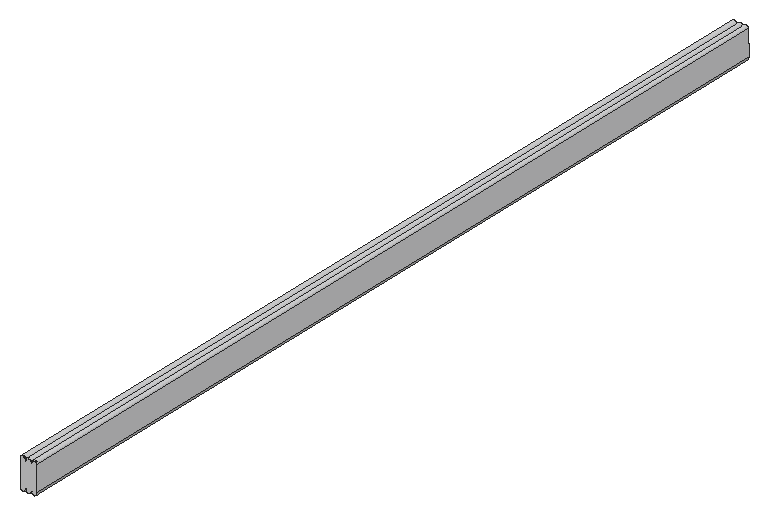
Revit family "COS-DS", category Specialty Equipment, host Face, Revit 2020
Family settings
  Host = Face
  Round Connector Dimension = Use Diameter
  Part Type = Normal
  Cut with Voids When Loaded = No
  Shared = No
  Room Calculation Point = No
Parameters (values of type "SEE TYPE CATEGORY")
  Width = 0' - 0 1/2"
  URL = "http://www.emseal.com/"
  Type Image = COS-DS.PNG
  Pick Resistance = no
  Hex Bellow = no
  Calc Width Hex [instance] = if(or(Width > 1' 0 3/256", Width < 0' 8 71/256"), 0' 8 71/256", Width)  # 0' - 8 71/256"
  Bellow Radius - Hex [instance] = Calc Width Hex / 12  # 0' - 0.68978"
  Bellow Depth - Quint [instance] = Depth - ([Bellow Radius - Quint] * 2)  # 0' - 1 229/256"
  Bellow Radius - Quint [instance] = Calc Width Quint / 10  # 0' - 0.42773"
  Product Data URL = "https://bit.ly/3gKOnfw"
  European Technical Assessment = "ETA-19/0222"
  Calc Width Quint [instance] = if(or(Width > 0' 8 3/256", Width < 0' 4 71/256"), 0' 4 71/256", Width)  # 0' - 4 71/256"
  CE Certification = "0679-CPR-1251"
  Bellow Radius - Triple [instance] = Calc Width Triple / 6  # 0' - 0 1/4"
  Triple Bellow = yes
  Tensile Strength (ASTM D3574) = "18 psi min; 145 kPa"
  Temperature Range (ASTM C711) = "185°F (85°C) to -40°F (-40°C)"
  Staining (ASTM C510) = "None"
  Single Bellow = no
  Seal Material Note = "Seismic Colorseal is coated on the both faces with standard Sikasil WS-295 water-resistant silicone"
  Seal Material [instance] = Silicone - Sikasil WS-295 Light Gray
  Rate of Air Leakage (ASTM E283) = "Passed"
  R Value Range (ASTM C518) = "2.1 per 1-inch (25mm) depth"
  Quint Bellow = no
  Quad Bellow = no
  Product Page URL = "https://bit.ly/3aKkxUu"
  Product Documentation URL = "https://bit.ly/3gKOnfw"
  Movement (of Nominal Material Size) = "+50% / -50%"
  Model = "Seismic Colorseal-DS"
  Manufacturer = "EMSEAL Joint Systems Ltd"
  Length [instance] = 6' - 6 23/32"
  Durometer Hardness of Silicone Coating (ASTM D2240) = "Shore A: 25"
  Description = "Multi-faced, silicone-coated, precompressed, primary seal seals both sides of substrate"
  Depth = 0' - 2 3/4"
  Default Elevation = 0' - 0"
  Calc Width Triple [instance] = if(or(Width > 0' 3 131/256", Width < 0' 1 125/256"), 0' 1 1/2", Width)  # 0' - 1 1/2"
  Calc Width Single [instance] = if(Width > 0' 1 67/256", 0' 1 67/256", Width)  # 0' - 0 1/2"
  Calc Width Quad [instance] = if(or(Width > 0' 4 3/256", Width < 0' 3 131/256"), 0' 3 131/256", Width)  # 0' - 3 131/256"
  Bellow Radius - Quad [instance] = Calc Width Quad / 8  # 0' - 0.43896"
  Bellow Radius [instance] = Calc Width Single / 2  # 0' - 0 1/4"
  Bellow Depth - Triple [instance] = Depth - ([Bellow Radius - Triple] * 2)  # 0' - 2 1/4"
  Bellow Depth - Quad [instance] = Depth - ([Bellow Radius - Quad] * 2)  # 0' - 1.87207"
  Bellow Depth - Hex [instance] = Depth - ([Bellow Radius - Hex] * 2)  # 0' - 1.37044"
  Bellow Depth [instance] = Depth - (Bellow Radius * 2)  # 0' - 2 1/4"
  Assembly Code = "C3020200"
  ABAA Compliance = yes
Types (3): name | Type Image | Pick Resistance | Hex Bellow | Bellow Depth - Quint | Product Data URL | Triple Bellow | Tensile Strength (ASTM D3574) | Single Bellow | Seal Material Note | Seal Material | R Value Range (ASTM C518) | Product Page URL | Product Documentation URL | Model | Description | Depth | Bellow Depth - Triple | Bellow Depth - Quad | Bellow Depth - Hex | Bellow Depth
  (no name) | COS-DS.PNG | no | no | 0' - 1 229/256" | "https://bit.ly/3gKOnfw" | yes | "18 psi min; 145 kPa" | no | "Seismic Colorseal is coated on the both faces with standard Sikasil WS-295 water-resistant silicone" | Silicone - Sikasil WS-295 Light Gray | "2.1 per 1-inch (25mm) depth" | "https://bit.ly/3aKkxUu" | "https://bit.ly/3gKOnfw" | "Seismic Colorseal-DS" | "Multi-faced, silicone-coated, precompressed, primary seal seals both sides of substrate" | 0' - 2 3/4" | 0' - 2 1/4" | 0' - 1.87207" | 0' - 1.37044" | 0' - 2 1/4"
  DFR - .5 inches | (empty or 0) | yes | yes | 0' - 3 37/256" | "https://bit.ly/34iawcN" | no | "21 psi min; 145 kPa" | yes | "Emshield DFR-CE is coated on the top and bottom with water-resistant silicone." | none | "1.03 per 1-inch (25mm) depth" | "https://cdn.emseal.com/wp-content/uploads/2020/01/Emshield-DFR-WFR-CE-Product-Data-Sheet-CE-marked-EN1366-4-movment-joint-Emseal.pdf" | "https://bit.ly/2yzQuP1" | "Emshield DFR-CE" | "CE Marked, EN 1366-4 Tested Watertight Fire-resistant movement joint" | 0' - 4" | 0' - 3 1/2" | 0' - 3.12207" | 0' - 2.62044" | 0' - 3 1/2"
  SEE TYPE CATEGORY | COS-DS.PNG | no | no | 0' - 1 229/256" | "https://bit.ly/3gKOnfw" | yes | "18 psi min; 145 kPa" | no | "Seismic Colorseal is coated on the both faces with standard Sikasil WS-295 water-resistant silicone" | Silicone - Sikasil WS-295 Light Gray | "2.1 per 1-inch (25mm) depth" | "https://bit.ly/3aKkxUu" | "https://bit.ly/3gKOnfw" | "Seismic Colorseal-DS" | "Multi-faced, silicone-coated, precompressed, primary seal seals both sides of substrate" | 0' - 2 3/4" | 0' - 2 1/4" | 0' - 1.87207" | 0' - 1.37044" | 0' - 2 1/4"
Reference planes (in)
  plane 1 "Center (Front/Back)": y = 0
  plane 2: z = 0
  plane 3 "Center (Left/Right)": x = 0
  plane 4 "Width 1": x = -0.25
  plane 5 "Width 2": x = 0.25
  plane 6: y = 39.35937
  plane 7: y = -39.35938
  plane 8: z = -2.75
  plane 9 "Quad Width 1": x = -1.75586
  plane 10: x = -0.87793
  plane 11: x = 0.87793
  plane 12 "Quad Width 2": x = 1.75586
  plane 13 "Triple Width 1": x = -0.75
  plane 14 "Triple Width 2": x = 0.75
  plane 15: x = 0.25
  plane 16: x = -0.25
  plane 17 "Single Width 1": x = -0.25
  plane 18 "Single Width 2": x = 0.25
  plane 19 "Expansion Line": z = 0.03125
  plane 20 "Triple Radius": z = -0.25
  plane 21: z = 0
  plane 22 "Triple Depth": z = -2.5
  plane 23 "Single Radius": z = -0.25
  plane 24 "Single Depth": z = -2.5
  plane 25 "Quad Radius": z = -0.43896
  plane 26 "Quad Depth": z = -2.31104
  plane 27 "Quint Width 1": x = -2.13867
  plane 28 "Quint Width 2": x = 2.13867
  plane 29: x = 2.25
  plane 30: x = -1.2832
  plane 31: x = -0.42773
  plane 32: x = 0.42773
  plane 33: x = 1.2832
  plane 34 "Quint Radius": z = -0.42773
  plane 35 "Quint Depth": z = -2.32227
  plane 36 "Hex Width 1": x = -4.13867
  plane 37 "Hex Width 2": x = 4.13867
  plane 38 "Hex Radius": z = -0.68978
  plane 39 "Hex Depth": z = -2.06022
  plane 40: x = -2.75911
  plane 41: x = -1.37956
  plane 42: x = 1.37956
  plane 43: x = 2.75911
Forms (in)
  Extrusion 1, void
    sketch origin (0, 0, 0) x (1, 0, 0) y (0, 1, 0)
      loop
        line (-0.25, -39.35938) -> (0.25, -39.35938) -> (0.25, 39.35937) -> (-0.25, 39.35937) -> (-0.25, -39.35938)
    from 0 to -30
  Extrusion 2, solid, detail levels coarse
    sketch origin (0, 0, 0) x (1, 0, 0) y (0, 1, 0)
      loop
        line (-0.25, 39.35937) -> (-0.25, -39.35938) -> (0.25, -39.35938) -> (0.25, 39.35937) -> (-0.25, 39.35937)
    from 0 to -2.75
  Extrusion 3, solid, material "Silicone - Sikasil WS-295 Light Gray" <- "Seal Material", visible <- "Quad Bellow"
    sketch origin (0, 0, 0) x (1, 0, 0) y (0, 0, 1)
      loop
        line (-1.75586, -0.43896) -> (-1.75586, -2.31104)
        arc (-1.75586, -2.31104) -> (-1.31689, -2.75) -> (-0.87793, -2.31104) r 0.43896
        arc (-0.87793, -2.31104) -> (-0.43896, -2.75) -> (0, -2.31104) r 0.43896
        arc (0, -2.31104) -> (0.43896, -2.75) -> (0.87793, -2.31104) r 0.43896
        arc (0.87793, -2.31104) -> (1.31689, -2.75) -> (1.75586, -2.31104) r 0.43896
        line (1.75586, -2.31104) -> (1.75586, -0.43896)
        arc (1.75586, -0.43896) -> (1.31689, 0) -> (0.87793, -0.43896) r 0.43896
        arc (0.87793, -0.43896) -> (0.43896, 0) -> (0, -0.43896) r 0.43896
        arc (0, -0.43896) -> (-0.43896, 0) -> (-0.87793, -0.43896) r 0.43896
        arc (-0.87793, -0.43896) -> (-1.31689, 0) -> (-1.75586, -0.43896) r 0.43896
    from 39.35938 to -39.35937
  Extrusion 4, solid, material "Silicone - Sikasil WS-295 Light Gray" <- "Seal Material", visible <- "Single Bellow"
    sketch origin (0, 0, 0) x (1, 0, 0) y (0, 0, 1)
      loop
        line (-0.25, -0.25) -> (-0.25, -2.5)
        arc (-0.25, -2.5) -> (0, -2.75) -> (0.25, -2.5) r 0.25
        line (0.25, -2.5) -> (0.25, -0.25)
        arc (0.25, -0.25) -> (0, 0) -> (-0.25, -0.25) r 0.25
    from 39.35938 to -39.35937
  Extrusion 5, solid, material "Silicone - Sikasil WS-295 Light Gray" <- "Seal Material", visible <- "Triple Bellow"
    sketch origin (0, 0, 0) x (1, 0, 0) y (0, 0, 1)
      loop
        line (-0.75, -0.25) -> (-0.75, -2.5)
        arc (-0.75, -2.5) -> (-0.5, -2.75) -> (-0.25, -2.5) r 0.25
        arc (-0.25, -2.5) -> (0, -2.75) -> (0.25, -2.5) r 0.25
        arc (0.25, -2.5) -> (0.5, -2.75) -> (0.75, -2.5) r 0.25
        line (0.75, -2.5) -> (0.75, -0.25)
        arc (0.75, -0.25) -> (0.5, 0) -> (0.25, -0.25) r 0.25
        arc (0.25, -0.25) -> (0, 0) -> (-0.25, -0.25) r 0.25
        arc (-0.25, -0.25) -> (-0.5, 0) -> (-0.75, -0.25) r 0.25
    from 39.35938 to -39.35937
  Extrusion 6, solid, material "Silicone - Sikasil WS-295 Light Gray" <- "Seal Material", visible <- "Quint Bellow"
    sketch origin (0, 0, 0) x (1, 0, 0) y (0, 0, 1)
      loop
        line (-2.13867, -0.42773) -> (-2.13867, -2.32227)
        arc (-2.13867, -2.32227) -> (-1.71094, -2.75) -> (-1.2832, -2.32227) r 0.42773
        arc (-1.2832, -2.32227) -> (-0.85547, -2.75) -> (-0.42773, -2.32227) r 0.42773
        arc (-0.42773, -2.32227) -> (0, -2.75) -> (0.42773, -2.32227) r 0.42773
        arc (0.42773, -2.32227) -> (0.85547, -2.75) -> (1.2832, -2.32227) r 0.42773
        arc (1.2832, -2.32227) -> (1.71094, -2.75) -> (2.13867, -2.32227) r 0.42773
        line (2.13867, -2.32227) -> (2.13867, -0.42773)
        arc (2.13867, -0.42773) -> (1.71094, 0) -> (1.2832, -0.42773) r 0.42773
        arc (1.2832, -0.42773) -> (0.85547, 0) -> (0.42773, -0.42773) r 0.42773
        arc (0.42773, -0.42773) -> (0, 0) -> (-0.42773, -0.42773) r 0.42773
        arc (-0.42773, -0.42773) -> (-0.85547, 0) -> (-1.2832, -0.42773) r 0.42773
        arc (-1.2832, -0.42773) -> (-1.71094, 0) -> (-2.13867, -0.42773) r 0.42773
    from 39.35938 to -39.35937
  Extrusion 7, solid, material "Silicone - Sikasil WS-295 Light Gray" <- "Seal Material", visible <- "Hex Bellow"
    sketch origin (0, 0, 0) x (1, 0, 0) y (0, 0, 1)
      loop
        line (-4.13867, -0.68978) -> (-4.13867, -2.06022)
        arc (-4.13867, -2.06022) -> (-3.44889, -2.75) -> (-2.75911, -2.06022) r 0.68978
        arc (-2.75911, -2.06022) -> (-2.06934, -2.75) -> (-1.37956, -2.06022) r 0.68978
        arc (-1.37956, -2.06022) -> (-0.68978, -2.75) -> (0, -2.06022) r 0.68978
        arc (0, -2.06022) -> (0.68978, -2.75) -> (1.37956, -2.06022) r 0.68978
        arc (1.37956, -2.06022) -> (2.06934, -2.75) -> (2.75911, -2.06022) r 0.68978
        arc (2.75911, -2.06022) -> (3.44889, -2.75) -> (4.13867, -2.06022) r 0.68978
        line (4.13867, -2.06022) -> (4.13867, -0.68978)
        arc (4.13867, -0.68978) -> (3.44889, 0) -> (2.75911, -0.68978) r 0.68978
        arc (2.75911, -0.68978) -> (2.06934, 0) -> (1.37956, -0.68978) r 0.68978
        arc (1.37956, -0.68978) -> (0.68978, 0) -> (0, -0.68978) r 0.68978
        arc (0, -0.68978) -> (-0.68978, 0) -> (-1.37956, -0.68978) r 0.68978
        arc (-1.37956, -0.68978) -> (-2.06934, 0) -> (-2.75911, -0.68978) r 0.68978
        arc (-2.75911, -0.68978) -> (-3.44889, 0) -> (-4.13867, -0.68978) r 0.68978
    from 39.35938 to -39.35937
Lines and regions (in)
  model lines, style "Expansion Graphic"
    curve 1: line (0, 39.35937, 0.03125) -> (0, -39.35938, 0.03125)
Dimensions and locks (in)
  "Width": plane 4 "Width 1" to plane 5 "Width 2"
  equal spacing: plane 4 "Width 1", plane 3 "Center (Left/Right)", plane 5 "Width 2"
  equal spacing: plane 6, plane 1 "Center (Front/Back)", plane 7
  "Length": plane 6 to plane 7
  "Depth": plane 2 to plane 8
  equal spacing: plane 12 "Quad Width 2", plane 11, plane 3 "Center (Left/Right)", plane 10, plane 9 "Quad Width 1"
  "Calc Width Quad": plane 12 "Quad Width 2" to plane 9 "Quad Width 1"
  locked: plane 2 to Extrusion 3 sketch curve
  equal spacing: plane 13 "Triple Width 1", plane 16, plane 15, plane 14 "Triple Width 2"
  "Calc Width Triple": plane 13 "Triple Width 1" to plane 14 "Triple Width 2"
  equal spacing: plane 13 "Triple Width 1", plane 3 "Center (Left/Right)", plane 14 "Triple Width 2"
  equal spacing: plane 17 "Single Width 1", plane 3 "Center (Left/Right)", plane 18 "Single Width 2"
  "Calc Width Single": plane 17 "Single Width 1" to plane 18 "Single Width 2"
  locked: plane 2 to Extrusion 4 sketch curve
  locked: plane 19 "Expansion Line" to level at 0.03125
  "Bellow Radius - Triple": plane 2 to plane 20 "Triple Radius"
  "Bellow Depth - Triple": plane 20 "Triple Radius" to plane 22 "Triple Depth"
  "Bellow Radius": plane 21 to plane 23 "Single Radius"
  "Bellow Depth": plane 23 "Single Radius" to plane 24 "Single Depth"
  "Bellow Radius - Quad": plane 2 to plane 25 "Quad Radius"
  "Bellow Depth - Quad": plane 25 "Quad Radius" to plane 26 "Quad Depth"
  "Bellow Radius - Quint": plane 21 to plane 34 "Quint Radius"
  "Bellow Depth - Quint": plane 34 "Quint Radius" to plane 35 "Quint Depth"
  "Calc Width Quint": plane 28 "Quint Width 2" to plane 27 "Quint Width 1"
  equal spacing: plane 28 "Quint Width 2", plane 3 "Center (Left/Right)", plane 27 "Quint Width 1"
  equal spacing: plane 28 "Quint Width 2", plane 33, plane 32, plane 31, plane 30, plane 27 "Quint Width 1"
  "Bellow Radius - Hex": plane 21 to plane 38 "Hex Radius"
  "Bellow Depth - Hex": plane 38 "Hex Radius" to plane 39 "Hex Depth"
  equal spacing: plane 37 "Hex Width 2", plane 43, plane 42, plane 3 "Center (Left/Right)", plane 41, plane 40, plane 36 "Hex Width 1"
  equal spacing: plane 37 "Hex Width 2", plane 3 "Center (Left/Right)", plane 36 "Hex Width 1"
  "Calc Width Hex": plane 37 "Hex Width 2" to plane 36 "Hex Width 1"
  aligned and locked: plane 2 to host face
  aligned and locked: level to host face
  aligned and locked: Extrusion 1 sketch curve to plane 7
  aligned and locked: Extrusion 1 sketch curve to plane 4 "Width 1"
  aligned and locked: plane 6 to Extrusion 1 sketch curve
  aligned and locked: plane 5 "Width 2" to Extrusion 1 sketch curve
  aligned and locked: Extrusion 2 sketch curve to plane 6
  aligned and locked: plane 4 "Width 1" to Extrusion 2 sketch curve
  aligned and locked: plane 7 to Extrusion 2 sketch curve
  aligned and locked: Extrusion 2 sketch curve to plane 5 "Width 2"
  aligned and locked: Extrusion 2 to plane 8
  aligned and locked: level to Extrusion 2
  aligned and locked: Extrusion 3 sketch curve to plane 9 "Quad Width 1"
  aligned and locked: plane 12 "Quad Width 2" to Extrusion 3 sketch curve
  aligned and locked: plane 6 to Extrusion 3
  aligned and locked: Extrusion 3 to plane 7
  aligned and locked: plane 17 "Single Width 1" to Extrusion 4 sketch curve
  aligned and locked: Extrusion 4 sketch curve to plane 18 "Single Width 2"
  aligned and locked: Extrusion 4 to plane 7
  aligned and locked: plane 6 to Extrusion 4
  aligned and locked: curve 1 to plane 3 "Center (Left/Right)"
  aligned and locked: plane 6 to curve 1
  aligned and locked: plane 7 to curve 1
  aligned and locked: plane 13 "Triple Width 1" to Extrusion 5 sketch curve
  aligned and locked: Extrusion 5 sketch curve to plane 14 "Triple Width 2"
  aligned and locked: plane 6 to Extrusion 5
  aligned and locked: Extrusion 5 to plane 7
  aligned and locked: plane 23 "Single Radius" to Extrusion 4 sketch curve  (x2)
  aligned and locked: plane 24 "Single Depth" to Extrusion 4 sketch curve  (x2)
  aligned and locked: plane 25 "Quad Radius" to Extrusion 3 sketch curve  (x5)
  aligned and locked: plane 26 "Quad Depth" to Extrusion 3 sketch curve  (x5)
  aligned and locked: Extrusion 6 sketch curve to plane 27 "Quint Width 1"
  aligned and locked: plane 28 "Quint Width 2" to Extrusion 6 sketch curve
  aligned and locked: plane 34 "Quint Radius" to Extrusion 6 sketch curve  (x3)
  aligned and locked: plane 35 "Quint Depth" to Extrusion 6 sketch curve  (x2)
  aligned and locked: Extrusion 7 sketch curve to plane 36 "Hex Width 1"
  aligned and locked: plane 37 "Hex Width 2" to Extrusion 7 sketch curve
  aligned and locked: plane 38 "Hex Radius" to Extrusion 7 sketch curve
  aligned and locked: Extrusion 7 sketch curve to plane 38 "Hex Radius"
  aligned and locked: plane 39 "Hex Depth" to Extrusion 7 sketch curve
  aligned and locked: Extrusion 7 sketch curve to plane 39 "Hex Depth"
  aligned and locked: plane 20 "Triple Radius" to Extrusion 5 sketch curve
  aligned and locked: plane 22 "Triple Depth" to Extrusion 5 sketch curve  (x2)
Automatic sketch dimensions
  host sketch curve to host sketch curve = 8' - 0"  (x2)
  Extrusion 3 sketch curve to plane 10 = 0' - 0"  (x3)
  Extrusion 3 sketch curve to plane 3 "Center (Left/Right)" = 0' - 0"  (x4)
  Extrusion 3 sketch curve to plane 11 = 0' - 0"  (x4)
  plane 30 to Extrusion 6 sketch curve = 0' - 0"  (x4)
  Extrusion 6 sketch curve to plane 34 "Quint Radius" = 0' - 0"
  Extrusion 6 sketch curve to plane 35 "Quint Depth" = 0' - 0"  (x3)
  plane 31 to Extrusion 6 sketch curve = 0' - 0"  (x4)
  Extrusion 6 sketch curve to plane 3 "Center (Left/Right)" = 0' - 0"  (x2)
  plane 32 to Extrusion 6 sketch curve = 0' - 0"  (x2)
  plane 33 to Extrusion 6 sketch curve = 0' - 0"  (x4)
  Extrusion 7 sketch curve to plane 38 "Hex Radius" = 0' - 0"  (x4)
  plane 40 to Extrusion 7 sketch curve = 0' - 0"  (x4)
  Extrusion 7 sketch curve to plane 39 "Hex Depth" = 0' - 0"  (x4)
  plane 41 to Extrusion 7 sketch curve = 0' - 0"  (x4)
  Extrusion 7 sketch curve to plane 3 "Center (Left/Right)" = 0' - 0"  (x4)
  plane 42 to Extrusion 7 sketch curve = 0' - 0"  (x4)
  plane 43 to Extrusion 7 sketch curve = 0' - 0"  (x4)
  plane 16 to Extrusion 5 sketch curve = 0' - 0"  (x4)
  Extrusion 5 sketch curve to plane 3 "Center (Left/Right)" = 0' - 0"  (x2)
  plane 15 to Extrusion 5 sketch curve = 0' - 0"  (x2)
  Extrusion 5 sketch curve to plane 20 "Triple Radius" = 0' - 0"  (x2)
  Extrusion 5 sketch curve to plane 22 "Triple Depth" = 0' - 0"
Types in the file's own list only (31): name | Width | Hex Bellow | Triple Bellow | Single Bellow | Quint Bellow | Quad Bellow | Depth | Default Elevation
  COS-DS - .5 inches | 1/2" | No | No | Yes | No | No | 2 3/4" | 0"
  COS-DS - .75 inches | 3/4" | No | No | Yes | No | No | 2 3/4" | 0"
  COS-DS - 1 inches | 1" | No | No | Yes | No | No | 2 3/4" | 0"
  COS-DS - 1.25 inches | 1 1/4" | No | No | Yes | No | No | 2 3/4" | 0"
  COS-DE - 1.5 inches | 1 1/2" | No | Yes | No | No | No | 2 1/4" | 0"
  COS-DS - 1.75 inches | 1 3/4" | No | Yes | No | No | No | 2 1/2" | 0"
  COS-DS - 2 inches | 2" | No | Yes | No | No | No | 2 1/2" | 0"
  COS-DS - 2.25 inches | 2 1/4" | No | Yes | No | No | No | 2 1/2" | 0"
  COS-DS - 2.5 inches | 2 1/2" | No | Yes | No | No | No | 2 3/4" | 0"
  COS-DS - 2.75 inches | 3" | No | Yes | No | No | No | 3" | 0"
  COS-DS - 3 inches | 3" | No | Yes | No | No | No | 3 1/2" | 0"
  COS-DS - 3.25 inches | 3 1/4" | No | No | No | No | Yes | 3 3/4" | 0"
  COS-DS - 3.5 inches | 3 1/2" | No | No | No | No | Yes | 3 3/4" | 0"
  COS-DS - 3.75 inches | 3 3/4" | No | No | No | No | Yes | 4 1/4" | 0"
  COS-DS - 4 inches | 4" | No | No | No | No | Yes | 4 1/2" | 0"
  COS-DS - 4.25 inches | 4 1/2" | No | No | No | Yes | No | 4 1/2" | 0"
  COS-DS - 4.5 inches | 4 1/2" | No | No | No | Yes | No | 5" | 0"
  COS-DS - 4.75 inches | 4 3/4" | No | No | No | Yes | No | 5 1/4" | 0"
  COS-DS - 5 inches | 5" | No | No | No | Yes | No | 5 1/2" | 0"
  COS-DS - 5.25 inches | 5 1/4" | No | No | No | Yes | No | 5 3/4" | 0"
  COS-DS - 5.5 inches | 5 1/2" | No | No | No | Yes | No | 5 3/4" | 0"
  COS-DS - 5.75 inches | 5 3/4" | No | No | No | Yes | No | 5 3/4" | 0"
  COS-DS - 6 inches | 6" | No | No | No | Yes | No | 6" | 0"
  COS-DS - 6.5 inches | 6 1/2" | No | No | No | Yes | No | 6 1/2" | 0"
  COS-DS - 7 inches | 7" | No | No | No | Yes | No | 7" | 0"
  COS-DS - 7.5 inches | 7 1/2" | No | No | No | Yes | No | 7 1/2" | 0"
  COS-DS - 8 inches | 8" | No | No | No | Yes | No | 8" | 0"
  COS-DS - 8.5 inches | 8 1/2" | Yes | No | No | No | No | 8" | 0"
  COS-DS - 9 inches | 9" | Yes | No | No | No | No | 8" | 0"
  COS-DS - 9.5 inches | 9 1/2" | Yes | No | No | No | No | 8" | 0"
  COS-DS- 10 inches | 10" | Yes | No | No | No | No | 8" | 0"
